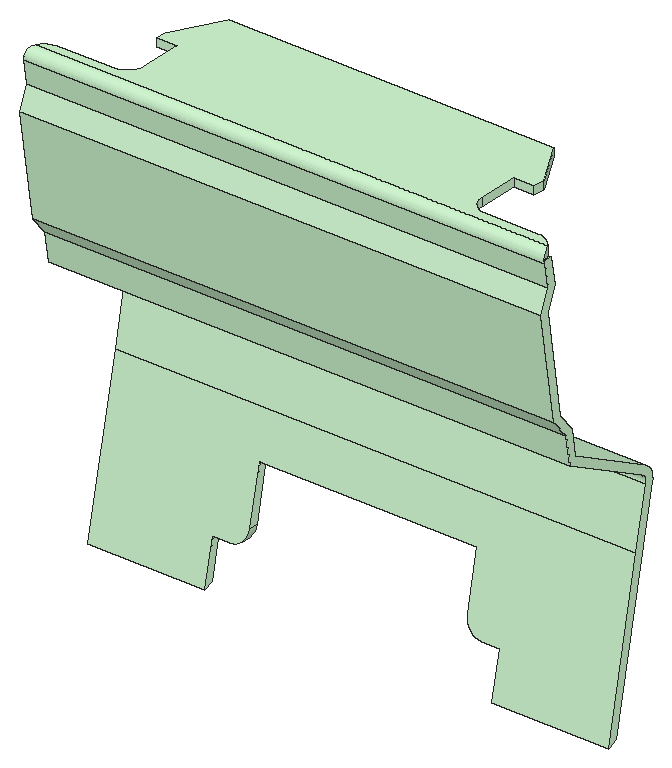
Revit family "spacer_ws50", category 機械設備, Revit 2022
Family settings
  丸型コネクタ寸法 = 直径を使用
  種別 = なし
  パーツ タイプ = 標準
  作業面ベース = いいえ
  常に垂直 = はい
  ロード時にボイドで切り取り = いいえ
  注釈の向きを維持 = いいえ
  共有 = いいえ
  部屋計算ポイント = いいえ
Parameters
  製造元 = "株式会社桐井製作所"
  既定の高さ = 0 mm
  URL = "https://www.kirii.co.jp/"
  K_材質 = "SGCCまたはSGHC　一般用"
  K_品名 = "WS-50スペーサー"
  K_名称 = "スペーサー"
  K_単位質量(kg/個) = 0.018
  K_入数 = "1500"
  K_バージョン情報 = "20210524"
  K_めっき付着量 = "Z12"
  K_JIS規格 = "JIS G 3302"
  K_JIS外 = not(K_JIS)  # no
  K_JIS = yes
Reference planes
  plane 1 "中心(正面/背面)": y = 0
  plane 2: z = 0
  plane 3 "中心(左/右)": x = 0
Forms (mm)
  Extrusion 1, solid
    sketch origin (0, 0, 0) x (0, 0.987688, 0.156434) y (0, -0.156434, 0.987688)
      loop
        line (0, 0) -> (-10.631, 1.684)
        arc (-10.631, 1.684) -> (-11.276, 1.502) -> (-11.556, 0.894) r 0.8
        line (-11.556, 0.894) -> (-11.556, -1.17) -> (-12.556, -2.902) -> (-12.556, -11.902) -> (-11.556, -13.634) -> (-11.556, -16.134) -> (-4.458, -21.483)
        arc (-4.458, -21.483) -> (-4.17, -21.901) -> (-4.193, -22.408) r 0.8
        line (-4.193, -22.408) -> (-5.984, -27.075) -> (-11.046, -40.263) -> (-10.236, -40.105) -> (-3.539, -22.659)
        arc (-3.539, -22.659) -> (-3.498, -21.708) -> (-4.037, -20.923) r 1.5
        line (-4.037, -20.923) -> (-10.856, -15.785) -> (-10.856, -13.446) -> (-11.856, -11.714) -> (-11.856, -3.089) -> (-10.856, -1.357) -> (-10.856, 1.011) -> (0.274, -0.752) -> (0, 0)
    from -22.5 to 22.5
  Extrusion 2, void
    sketch origin (0, 0, 0) x (1, 0, 0) y (0, 1, 0)
      loop
        line (-23.397, 0.388) -> (-23.397, -11.947) -> (-22.5, -11.947)
        arc (-22.5, -11.947) -> (-21.914, -10.533) -> (-20.5, -9.947) r 2
        line (-20.5, -9.947) -> (-16.05, -9.947)
        arc (-16.05, -9.947) -> (-14.989, -9.508) -> (-14.55, -8.447) r 1.5
        line (-14.55, -8.447) -> (-14.55, -4.947) -> (-16.3, -4.947) -> (-16.3, -3.947) -> (-14.03, 0) -> (14.03, 0) -> (16.3, -3.947) -> (16.3, -4.947) -> (14.55, -4.947) -> (14.55, -8.447)
        arc (14.55, -8.447) -> (14.989, -9.508) -> (16.05, -9.947) r 1.5
        line (16.05, -9.947) -> (20.5, -9.947)
        arc (20.5, -9.947) -> (21.914, -10.533) -> (22.5, -11.947) r 2
        line (22.5, -11.947) -> (23.393, -11.947) -> (23.393, 0.388) -> (-23.397, 0.388)
    from -0.7 to 0
  Extrusion 3, void
    sketch origin (0, 0, 0) x (1, 0, 0) y (0, 0, 1)
      loop
        line (-12.4, -42.399) -> (12.4, -42.399) -> (12.4, -37.685) -> (10.9, -37.685)
        arc (10.9, -37.685) -> (9.839, -37.246) -> (9.4, -36.185) r 1.5
        line (9.4, -36.185) -> (9.4, -31.45) -> (-9.4, -31.45) -> (-9.4, -36.185)
        arc (-9.4, -36.185) -> (-9.839, -37.246) -> (-10.9, -37.685) r 1.5
        line (-10.9, -37.685) -> (-12.4, -37.685) -> (-12.4, -42.399)
    from 1.538 to 4.852
Cuts and joins
  Extrusion 2, Extrusion 3 cuts Extrusion 1
Dimensions and locks
  aligned and locked: level to plane 2
